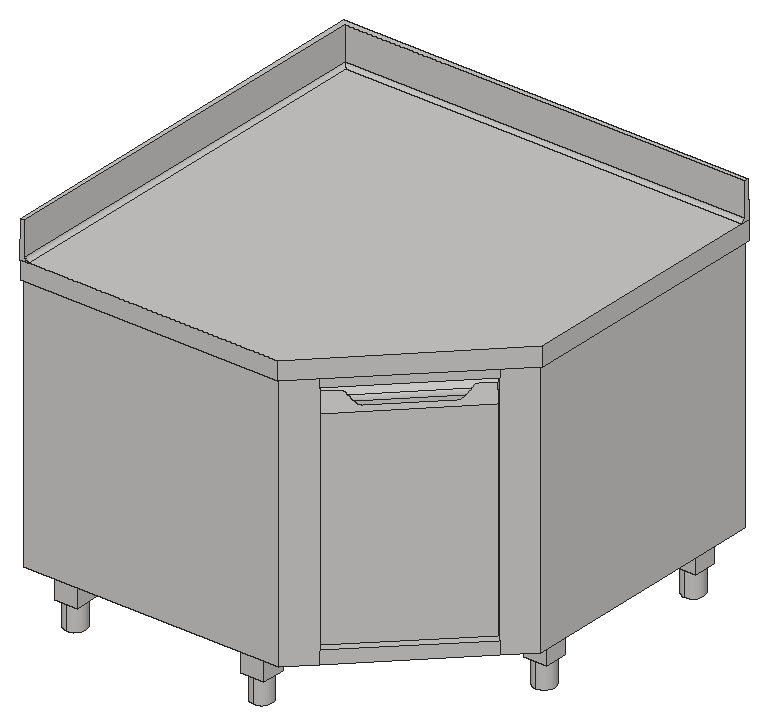
Revit family "QF_ZANUSSI_132782_MTNASPN", category Attrezzature speciali, Revit 2020
Family settings
  Quota connettore circolare = Usa diametro
  Tipo di parte = Normale
  Basato su piano di lavoro = No
  Sempre verticale = Sì
  Taglio con vuoti quando caricato = No
  Condiviso = No
  Punto di calcolo locali = No
Parameters (values of type "Standard")
  Weight = 85.00 kg
  Watts = 0 W
  Volts = 0 V
  URL Manufacturer = "http://www.zanussiprofessional.com"
  URL = "http://www.zanussiprofessional.com"
  Steam Supply Size = 0 mm
  Steam Supply Minimum Pressure = 0.0 Pa
  Steam Supply Maximum Pressure = 0.0 Pa
  Steam Consumption per Hour = 0
  Refrigeration Suction Line Size = 0.0 mm
  Refrigeration Liquid Line Size = 0.0 mm
  Refrigerant Compressor Remote = yes
  Prospetto di default = 0.0 mm
  Phase = 0
  Modello = "MTNASPN"
  Produttore = "Zanussi"
  Length Actual = 1100.0 mm  # constant formula
  Item Number = "132782"
  Hot Water Size = 0 mm
  Height Actual = 1000.0 mm  # constant formula
  HP = "0 HP"
  Gas Size = 0 mm
  Gas KW = 0
  Gas Input Pressure = 0 W
  Direct Waste Size = 0 mm
  Descrizione = "WORKTOP CUPB+UPSTAND+SHELF+1 DOOR-CORNER"
  Depth Actual = 1100.0 mm  # constant formula
  Cycle = 0 Hz
  Condensate Return Size = 0 mm
  Compressed Air Volume = 0.0 L/s
  Compressed Air Size = 0 mm
  Compressed Air Pressure = 0.0 Pa
  Cold Water Size = 0 mm
  Accessory = yes
Reference planes
  plane 1: z = 0
  plane 2 "Base": z = 1000
  plane 3 "TOP": z = 900
  plane 4 "FEET": z = 150
  plane 5 "Left": x = -795
  plane 6 "Back": y = 628.191
  plane 7: y = -71.809
  plane 8: x = -95
  plane 9 "Front": y = -471.809
  plane 10 "Right": x = 305
  plane 11 "Center (Left/Right)": x = -245
  plane 12 "Center (Front/Back)": y = 78.191
  plane 13: z = 1000
  plane 14 "plane45": through (-95, -471.809, 4000) normal (-0.7071, 0.7071, 0)
  plane 15: x = -712
  plane 16: y = 545.191
  plane 17: y = -388.809
  plane 18: x = -205
  plane 19: y = 38.191
  plane 20: x = 222
Forms (mm)
  Extrusion 1, solid, material "QF_Finishes_Stainless Steel"
    sketch origin (6.312, 251.143, 150) x (-0.707107, -0.707107, 0) y (0.707107, -0.707107, 0)
      loop
        line (300, -777.365) -> (1021.956, -55.409) -> (566.481, 400.065) -> (492, 400.065) -> (492, 434.065) -> (108, 434.065) -> (108, 400.065) -> (33.519, 400.065) -> (-421.956, -55.409) -> (300, -777.365)
    from 0 to 35
  Extrusion 2, solid, material "QF_Finishes_Stainless Steel"
    sketch origin (6.312, 251.143, 0) x (0.707107, 0.707107, 0) y (-0.707107, 0.707107, 0)
      loop
        line (-580.565, -434.065) -> (-492, -434.065) -> (-492, -400.065) -> (-566.481, -400.065) -> (-1021.956, 55.409) -> (-300, 777.365) -> (421.956, 55.409) -> (-33.519, -400.065) -> (-108, -400.065) -> (-108, -434.065) -> (-19.435, -434.065) -> (470.039, 55.409) -> (-300, 825.449) -> (-1070.039, 55.409) -> (-580.565, -434.065)
    from 150 to 850
  Extrusion 3, solid, material "QF_Finishes_Stainless Steel"
    sketch origin (0, 0, 900) x (0, 1, 0) y (-1, 0, 0)
      loop
        line (628.191, -305) -> (628.191, 795) -> (-471.809, 795) -> (-471.809, 95) -> (-71.809, -305) -> (628.191, -305)
    from 0 to -50
  Sweep 4, solid, material "QF_Finishes_Stainless Steel"
    path origin (0, 0, 900) x (0, 1, 0) y (-1, 0, 0)
      loop
        line (-471.809, 795) -> (628.191, 795) -> (628.191, -305)
    profile origin (-795, 78.191, 900) x (-1, 0, 0) y (0, 0, 1)
      loop
        line (0, 0) -> (0, 100) -> (-13, 100) -> (-13, 10)
        arc (-13, 10) -> (-15.929, 2.929) -> (-23, 0) r 10
        line (-23, 0) -> (0, 0)
  Extrusion 5, solid, material "QF_Finishes_Stainless Steel"
    sketch origin (-7.071, 7.071, 900) x (0, 1, 0) y (-1, 0, 0)
      loop
        line (-108.114, -212.834) -> (-106.7, -211.42) -> (-108.821, -209.298) -> (-110.235, -210.712) -> (-108.114, -212.834)
    from -40 to -43.588
  Extrusion 6, solid, material "QF_Finishes_Stainless Steel"
    sketch origin (0, 0, 900) x (0, 1, 0) y (-1, 0, 0)
      loop
        line (-403.684, 34.654) -> (-132.155, -236.875) -> (-108.114, -212.834) -> (-379.643, 58.695) -> (-403.684, 34.654)
    from -50 to -75
Lines and regions (mm)
  symbolic lines
    curve 1: line (-795, 628.191, 900) -> (-795, -471.809, 900)
    curve 2: line (305, 628.191, 900) -> (-795, 628.191, 900)
    curve 3: line (305, -71.809, 900) -> (305, 628.191, 900)
    curve 4: line (-95, -471.809, 900) -> (305, -71.809, 900)
    curve 5: line (-795, -471.809, 900) -> (-95, -471.809, 900)
    curve 6: line (-782, -471.809, 900) -> (-782, 615.191, 900)
    curve 7: line (-782, 615.191, 900) -> (305, 615.191, 900)
Dimensions and locks
  locked: plane 4 "FEET" to level at 150
  locked: plane 2 "Base" to level at 1000
  plane 6 "Back" to plane 7 = 700.0 mm
  plane 8 to plane 5 "Left" = 700.0 mm
  plane 6 "Back" to plane 9 "Front" = 1100.0 mm
  plane 10 "Right" to plane 5 "Left" = 1100.0 mm
  equal spacing: plane 5 "Left", plane 11 "Center (Left/Right)", plane 10 "Right"
  equal spacing: plane 9 "Front", plane 12 "Center (Front/Back)", plane 6 "Back"
  plane 8 to plane 10 "Right" = 400.0 mm
  plane 7 to plane 9 "Front" = 400.0 mm
  plane 3 "TOP" to level = 900.0 mm
  plane 5 "Left" to plane 15 = 83.0 mm
  plane 6 "Back" to plane 16 = 83.0 mm
  plane 9 "Front" to plane 17 = 83.0 mm
  plane 18 to plane 8 = 110.0 mm
  plane 19 to plane 7 = 110.0 mm
  plane 20 to plane 10 "Right" = 83.0 mm
  Extrusion 3 to plane 4 "FEET" = 700.0 mm
  aligned and locked: level to plane 1
Automatic sketch dimensions
  Extrusion 2 sketch curve to plane 8 = 2.278 mm
  Extrusion 2 sketch curve to plane 9 "Front" = 5.5 mm  (x2)
  Extrusion 2 sketch curve to plane 6 "Back" = 5.5 mm
  Extrusion 2 sketch curve to plane 10 "Right" = 5.5 mm
  plane 5 "Left" to Extrusion 2 sketch curve = 39.5 mm
  Extrusion 2 sketch curve to Extrusion 2 sketch curve = 0.0 mm
  plane 5 "Left" to Extrusion 2 sketch curve = 5.5 mm
  Extrusion 2 sketch curve to plane 8 = 16.361 mm
  Extrusion 2 sketch curve to plane 9 "Front" = 39.5 mm
  plane 7 to Extrusion 2 sketch curve = 16.361 mm
  Extrusion 2 sketch curve to Extrusion 2 sketch curve = 74.481 mm  (x2)
  plane 7 to Extrusion 2 sketch curve = 2.278 mm
  Extrusion 2 sketch curve to Extrusion 2 sketch curve = 48.083 mm
  Extrusion 1 sketch curve to Extrusion 1 sketch curve = 74.481 mm  (x2)
  Extrusion 1 sketch curve to Extrusion 1 sketch curve = 384.0 mm
  Extrusion 1 sketch curve to Extrusion 1 sketch curve = 455.475 mm
  plane 5 "Left" to Extrusion 1 sketch curve = 39.5 mm
  Extrusion 1 sketch curve to Extrusion 1 sketch curve = 721.956 mm
  Extrusion 1 sketch curve to Extrusion 1 sketch curve = 34.0 mm
  Extrusion 3 sketch curve to plane 8 = 0.0 mm
  plane 9 "Front" to Extrusion 3 sketch curve = 0.0 mm
  Extrusion 3 sketch curve to plane 7 = 0.0 mm
  Extrusion 3 sketch curve to plane 6 "Back" = 0.0 mm
  Extrusion 3 sketch curve to plane 10 "Right" = 0.0 mm
  Extrusion 3 sketch curve to plane 5 "Left" = 0.0 mm
  plane 9 "Front" to Sweep 4 sketch curve = 0.0 mm
  Sweep 4 sketch curve to plane 5 "Left" = 0.0 mm
  Sweep 4 sketch curve to plane 6 "Back" = 0.0 mm
  Sweep 4 sketch curve to plane 10 "Right" = 0.0 mm
  Sweep 4 sketch curve to profile plane = 0.0 mm
  Sweep 4 sketch curve to plane 3 "TOP" = 0.0 mm
  profile plane to Sweep 4 sketch curve = 13.0 mm
  Sweep 4 sketch curve to Sweep 4 sketch curve = 10.0 mm
  Sweep 4 sketch curve to Sweep 4 sketch curve = 90.0 mm
  Extrusion 5 sketch curve to plane 7 = 31.355 mm
  Extrusion 5 sketch curve to Extrusion 5 sketch curve = 1.414 mm  (x2)
  Extrusion 5 sketch curve to plane 10 "Right" = 101.359 mm
  Extrusion 5 sketch curve to Extrusion 5 sketch curve = 2.121 mm
  plane 14 "plane45" to Extrusion 1 sketch curve = 494.975 mm
  Extrusion 1 sketch curve to plane 6 "Back" = 39.5 mm
  plane 14 "plane45" to Extrusion 1 sketch curve = 39.5 mm
  Extrusion 2 sketch curve to Extrusion 2 sketch curve = 88.565 mm
  plane 8 to Extrusion 6 sketch curve = 36.305 mm
  Extrusion 6 sketch curve to plane 9 "Front" = 92.166 mm
  Extrusion 6 sketch curve to plane 7 = 36.305 mm
  plane 8 to Extrusion 6 sketch curve = 60.346 mm
  Extrusion 6 sketch curve to Extrusion 6 sketch curve = 24.042 mm
  curve 1 to plane 5 "Left" = 0.0 mm
  curve 2 to plane 6 "Back" = 0.0 mm
  curve 2 to plane 10 "Right" = 0.0 mm
  curve 3 to plane 7 = 0.0 mm
  curve 4 to plane 8 = 0.0 mm
  plane 9 "Front" to curve 4 = 0.0 mm
  curve 7 to plane 6 "Back" = 13.0 mm
  plane 5 "Left" to curve 6 = 13.0 mm
Nested families
  nested 1: "FEET_L63-150" at (-712, -388.809, 0) x (0, 1, 0) z (0, 0, 1), type "FEET_L63-150"
  nested 2: "H670_400ang_1DOOR" at (44.513, -262.293, 192) x (0.7071, 0.7071, 0) z (0.7071, -0.7071, 0), type "H670_400ang_1DOOR"
    with Width 452.0 mm, Show Clearance yes
  nested 3: "FEET_L63-150" at (-712, 545.191, 0) x (0, 1, 0) z (0, 0, 1), type "FEET_L63-150"
  nested 4: "FEET_L63-150" at (222, 545.191, 0) x (0, 1, 0) z (0, 0, 1), type "FEET_L63-150"
  nested 5: "FEET_L63-150" at (222, 38.191, 0) x (0, 1, 0) z (0, 0, 1), type "FEET_L63-150"
  nested 6: "FEET_L63-150" at (-205, -388.809, 0) x (0, 1, 0) z (0, 0, 1), type "FEET_L63-150"
  nested 7: "FEET_L63-150" at (-285, 118.191, 0) x (0, 1, 0) z (0, 0, 1), type "FEET_L63-150"
Definition of nested family "FEET_L63-150"
  Parameters
    Default Elevation = 0.0 mm
    FEET = 150.0 mm
  Reference planes
    plane 1 "Center (Front/Back)": y = 0
    plane 2: z = 0
    plane 3 "Center (Left/Right)": x = 0
    plane 4: z = 150
  Forms (mm)
    Extrusion 1, solid
      sketch origin (0, 0, 0) x (1, 0, 0) y (0, 1, 0)
        loop
          circle (0, 0) r 28
      from 0 to 67
    Extrusion 2, solid
      sketch origin (0, 0, 0) x (1, 0, 0) y (0, 1, 0)
        loop
          line (31.561, 31.5) -> (-31.439, 31.5) -> (-31.439, -31.5) -> (31.561, -31.5) -> (31.561, 31.5)
      from 67 to 150 <- "FEET"
  Lines and regions (mm)
    symbolic lines
      curve 1: line (0, -1.503, 0) -> (0, 1.508, 0)
      curve 2: line (1.561, 0, 0) -> (-1.439, 0, 0)
  Dimensions and locks
    "FEET": plane 4 to plane 2
    aligned and locked: level to plane 2
  Automatic sketch dimensions
    plane 1 "Center (Front/Back)" to Extrusion 1 sketch curve = 0.0 mm
    Extrusion 1 sketch curve to plane 3 "Center (Left/Right)" = 0.0 mm
    plane 1 "Center (Front/Back)" to curve 2 = 0.0 mm
    curve 1 to plane 3 "Center (Left/Right)" = 0.0 mm
    curve 2 to plane 3 "Center (Left/Right)" = 1.439 mm
    plane 3 "Center (Left/Right)" to curve 2 = 1.561 mm
    plane 1 "Center (Front/Back)" to curve 1 = 1.503 mm
    curve 1 to plane 1 "Center (Front/Back)" = 1.508 mm
    Extrusion 2 sketch curve to plane 1 "Center (Front/Back)" = 31.5 mm
    Extrusion 2 sketch curve to plane 3 "Center (Left/Right)" = 31.439 mm
    plane 3 "Center (Left/Right)" to Extrusion 2 sketch curve = 31.561 mm
    plane 1 "Center (Front/Back)" to Extrusion 2 sketch curve = 31.5 mm
    radius of Extrusion 1 sketch curve = 28.0 mm
Definition of nested family "H670_400ang_1DOOR"
  Parameters
    Width [instance] = 452.0 mm
    Show Clearance [instance] = yes
    Model = "727995"
    Height = 670.0 mm
    Default Elevation = 0.0 mm
  Reference planes
    plane 1 "Center (Front/Back)": y = 0
    plane 2: z = 0
    plane 3 "Center (Left/Right)": x = 36.042
    plane 4 "panel": z = 25
    plane 5 "Left": x = -189.958
    plane 6 "Right": x = 262.042
    plane 7: y = 670
    plane 8: z = 45
    plane 9: x = 225.042
    plane 10: x = -152.958
    plane 11: y = 632
    plane 12: y = 3
    plane 13: z = 425
  Forms (mm)
    Extrusion 1, solid
      sketch origin (0, -919.2, 0) x (1, 0, 0) y (0, 1, 0)
        loop
          line (-980.5, 2119.2) -> (-980.5, -162.846) -> (881.94, -162.846) -> (881.94, 2119.2) -> (-980.5, 2119.2)
      from 0 to -59.546
    Extrusion 2, solid
      sketch origin (36.042, -219.693, 0) x (0, 1, 0) y (0, 0, 1)
        loop
          line (808.63, 49.734) -> (808.63, 47.734) -> (818.98, 47.734)
          arc (818.98, 47.734) -> (825.586, 46.42) -> (831.186, 42.679) r 17.261
          line (831.186, 42.679) -> (848.019, 25.845) -> (851.693, 25) -> (832.6, 44.093)
          arc (832.6, 44.093) -> (826.351, 48.268) -> (818.98, 49.734) r 19.261
          line (818.98, 49.734) -> (808.63, 49.734)
      from -189 to 189
    Extrusion 3, void
      sketch origin (0, -219.693, 25) x (1, 0, 0) y (0, 1, 0)
        loop
          line (230.066, 799.859) -> (230.066, 840.08) -> (184.05, 840.08)
          arc (184.05, 840.08) -> (176.397, 838.557) -> (169.908, 834.222) r 20
          line (169.908, 834.222) -> (150.174, 814.488)
          arc (150.174, 814.488) -> (143.686, 810.152) -> (136.032, 808.63) r 20
          line (136.032, 808.63) -> (-63.948, 808.63)
          arc (-63.948, 808.63) -> (-71.602, 810.152) -> (-78.09, 814.488) r 20
          line (-78.09, 814.488) -> (-97.824, 834.222)
          arc (-97.824, 834.222) -> (-104.313, 838.557) -> (-111.966, 840.08) r 20
          line (-111.966, 840.08) -> (-157.982, 840.08) -> (-157.982, 799.859) -> (230.066, 799.859)
      from 0 to 27.674
    Extrusion 4, solid
      sketch origin (36.042, -190, 0) x (0, 1, 0) y (0, 0, 1)
        loop
          line (193, 40) -> (193, 0) -> (822, 0) -> (822, 25) -> (756.797, 40) -> (193, 40)
      from 189 to -189
    Extrusion 5, solid, detail levels coarse
      sketch origin (0, 0, 0) x (1, 0, 0) y (0, 0, 1)
        loop
          line (225.042, 49.734) -> (225.042, 425)
          arc (225.042, 425) -> (-34.918, 309.015) -> (-152.413, 49.734) r 401.022
          line (-152.413, 49.734) -> (225.042, 49.734)
      from -3 to -632
  Cuts and joins
    Extrusion 3 cuts Extrusion 2
  Lines and regions (mm)
    symbolic lines
      curve 1: arc (225.042, 0, 425) -> (-34.918, 0, 309.015) -> (-152.413, 0, 49.734) r 401.022
      curve 2: line (225.042, 0, 49.734) -> (225.042, 0, 425)
  Dimensions and locks
    plane 4 "panel" to level = 25.0 mm
    "Width": plane 5 "Left" to plane 6 "Right"
    equal spacing: plane 5 "Left", plane 3 "Center (Left/Right)", plane 6 "Right"
    "Height": plane 1 "Center (Front/Back)" to plane 7
    plane 9 to plane 6 "Right" = 37.0 mm
    plane 5 "Left" to plane 10 = 37.0 mm
    plane 7 to plane 11 = 38.0 mm
    plane 1 "Center (Front/Back)" to plane 12 = 3.0 mm
    plane 10 to plane 9 = 378.0 mm
    aligned and locked: plane 2 to Extrusion 1
    aligned and locked: level to Extrusion 1
    aligned and locked: plane 10 to Extrusion 2
    aligned and locked: plane 9 to Extrusion 2
    aligned and locked: plane 10 to Extrusion 4
    aligned and locked: plane 9 to Extrusion 4
  Automatic sketch dimensions
    Extrusion 1 sketch curve to Extrusion 1 sketch curve = 1862.44 mm
    Extrusion 1 sketch curve to Extrusion 1 sketch curve = 2282.046 mm
    Extrusion 4 sketch curve to level = 0.0 mm
    Extrusion 4 sketch curve to plane 12 = 0.0 mm
    Extrusion 4 sketch curve to plane 4 "panel" = 0.0 mm
    Extrusion 4 sketch curve to plane 11 = 0.0 mm
    Extrusion 4 sketch curve to plane 8 = 5.0 mm
    Extrusion 4 sketch curve to plane 11 = 65.203 mm
    Extrusion 2 sketch curve to Extrusion 2 sketch curve = 0.0 mm  (x2)
    Extrusion 2 sketch curve to plane 4 "panel" = 0.0 mm
    Extrusion 2 sketch curve to plane 11 = 0.0 mm
    Extrusion 2 sketch curve to plane 8 = 0.907 mm
    Extrusion 2 sketch curve to plane 11 = 19.093 mm
    Extrusion 2 sketch curve to plane 8 = 2.321 mm
    Extrusion 2 sketch curve to Extrusion 2 sketch curve = 1.414 mm
    plane 4 "panel" to Extrusion 2 sketch curve = 5.474 mm
    Extrusion 2 sketch curve to Extrusion 2 sketch curve = 12.205 mm
    Extrusion 2 sketch curve to Extrusion 2 sketch curve = 10.351 mm
    plane 4 "panel" to Extrusion 2 sketch curve = 0.845 mm
    Extrusion 2 sketch curve to plane 11 = 3.674 mm
    Extrusion 5 sketch curve to plane 9 = 0.0 mm
    Extrusion 5 sketch curve to plane 13 = 0.0 mm
    Extrusion 5 sketch curve to plane 10 = 0.545 mm
    Extrusion 5 sketch curve to plane 4 "panel" = 0.374 mm
    Extrusion 5 sketch curve to Extrusion 5 sketch curve = 22.78 mm
    plane 10 to Extrusion 3 sketch curve = 5.024 mm
    Extrusion 3 sketch curve to plane 10 = 40.992 mm
    Extrusion 3 sketch curve to plane 11 = 17.471 mm  (x2)
    Extrusion 3 sketch curve to Extrusion 3 sketch curve = 14.142 mm  (x7)
    Extrusion 3 sketch curve to Extrusion 3 sketch curve = 19.734 mm  (x2)
    Extrusion 3 sketch curve to plane 11 = 23.063 mm
    Extrusion 3 sketch curve to plane 9 = 89.01 mm
    Extrusion 3 sketch curve to plane 11 = 37.205 mm
    plane 9 to Extrusion 3 sketch curve = 5.024 mm
    Extrusion 3 sketch curve to plane 11 = 51.834 mm
    curve 1 to plane 9 = 0.0 mm
    curve 2 to plane 13 = 0.0 mm
    curve 1 to plane 4 "panel" = 0.374 mm
    curve 1 to plane 6 "Right" = 14.22 mm
    curve 1 to plane 10 = 0.545 mm
    plane 8 to curve 2 = 4.734 mm
